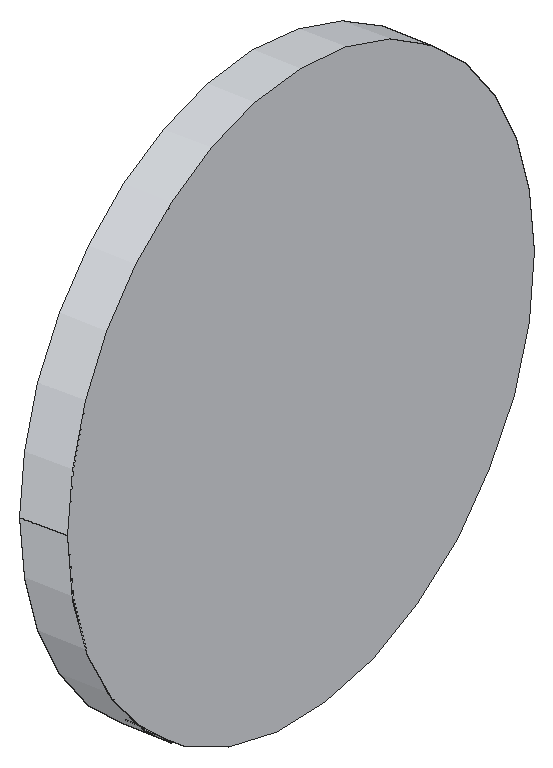
Revit family "Syst Splitter - DHW", category Pipe Fittings, Revit 2019
Family settings
  Round Connector Dimension = Use Radius
  Part Type = Transition
  OmniClass Number = 23.60.30.11.14
  OmniClass Title = Pipework Fittings
  Work Plane-Based = No
  Always vertical = Yes
  Cut with Voids When Loaded = No
  Shared = No
Parameters (values of type "Washing Machine (8lb, Public)")
  Utiliser l'échelle d'annotations [instance] = 1
  Nominal Radius [instance] = Nominal Diameter / 2  # 50 mm
  Nominal Diameter [instance] = 100 mm
  Nom_equipement_01_TEXT [instance] = ""
  Nom de la table de recherche = "STN_Pipe_Cast_Iron_Copper"
  Height = 10 mm
  Insulation Thickness [instance] = 0 mm
  Insulation Radius [instance] = Fitting Outside Radius + Insulation Thickness  # 60.96 mm
  Fixture Units = 2.25
  Fitting Outside Radius [instance] = Fitting Outside Diameter / 2  # 60.96 mm
  Fitting Outside Diameter [instance] = size_lookup(Nom de la table de recherche, "FOD", Nominal Diameter + 3.175 mm, Nominal Diameter)  # 121.92 mm
  Coefficient K = 0.1
  Assembly Code = ""
Types (28, lengths in mm): name | Fixture Units
  Water Closet (Flushometer Tank) | 0
  Water closet, private (Flush Valve) | 0
  _NO FIXTURE (VENT ONLY) | 0
  Water closet, private (Flush Tank) | 0
  Water closet, public (Flush Valve) | 0
  Water closet, public (Flush Tank) | 0
  Lavatory (Private) | 0.5
  Kitchen sink (Private) | 1
  Drinking fountain | 0
  Dishwashing machine | 1.4
  Shower head (Public) | 3
  Shower (Private) | 1
  Urinal (Flush Tank) | 0
  Urinal (1" Flushometer Valve) | 0
  Urinal (3/4" Flushometer Valve) | 0
  Service sink | 2.25
  Washing Machine (8lb, Private) | 1
  Washing Machine (8lb, Public) | 2.25
  Bathroom group (Private, Flush Tank) | 1.5
  Bathroom group (Private, Flush Valve | 3
  Bathtub (Private) | 1
  Bidet | 1.5
  Combination fixture | 2.25
  Laundry tray (1 to 3) | 1
  Bathtub (Public) | 3
  Kitchen Sink (Hotel, Restaurant) | 3
  Lavatory (Public) | 1.5
  Washing Machine (15lb, Public) | 3
Reference planes
  plane 1 "Centre (Front/Back)": y = 0
  plane 2: z = 0
  plane 3 "Centre (Left/Right)": x = 0
  plane 4: x = 10
  plane 5: x = 10
  plane 6: y = 60.96
  plane 7: y = -60.96
Forms (mm)
  Extrusion 1, solid, detail levels fine
    sketch origin (0, 0, 0) x (0, 1, 0) y (0, 0, 1)
      loop
        circle (0, 0) r 60.96
    from 0 to 10
  Extrusion 2, solid
    sketch origin (0, 0, 0) x (0, 1, 0) y (0, 0, 1)
      loop
        circle (0, 0) r 60.96
    from 0 to 10
Lines and regions (mm)
  model lines, style "InvisibleLines"
    curve 1: line (37.946, 99.919, 0) -> (-38.304, 99.919, 0)
    curve 2: line (-38.304, 99.919, 0) -> (-21.31, 91.995, 0)
    curve 3: line (-38.304, 99.919, 0) -> (-21.31, 107.843, 0)
Dimensions and locks
  "Height": plane 3 "Centre (Left/Right)" to plane 4
  "Insulation Thickness": plane 4 to plane 5
  "Fitting Outside Radius": plane 6 to plane 1 "Centre (Front/Back)"
  "Fitting Outside Radius": plane 1 "Centre (Front/Back)" to plane 7
  "Fitting Outside Radius": radius of Extrusion 1 sketch curve
  "Insulation Radius": radius of Extrusion 2 sketch curve
  aligned and locked: plane 1 "Centre (Front/Back)" to Extrusion 1 sketch curve
  aligned and locked: plane 2 to Extrusion 1 sketch curve
  aligned and locked: Extrusion 1 to plane 3 "Centre (Left/Right)"
  aligned and locked: plane 4 to Extrusion 1
  aligned and locked: plane 1 "Centre (Front/Back)" to Extrusion 2 sketch curve
  aligned and locked: plane 2 to Extrusion 2 sketch curve
  aligned and locked: Extrusion 2 to plane 3 "Centre (Left/Right)"
  aligned and locked: plane 5 to Extrusion 2
Automatic sketch dimensions
  curve 1 to plane 3 "Centre (Left/Right)" = 38.304 mm
  plane 6 to curve 1 = 38.959 mm
  curve 1 to curve 2 = 16.993 mm
  curve 3 to curve 2 = 0 mm
  plane 4 to curve 1 = 27.946 mm
  curve 2 to curve 1 = 7.924 mm
  curve 2 to curve 3 = 15.848 mm
Connectors
  piping at (0, 0, 0), diameter 100, driven by "Nominal Radius", driven by "Fixture Units"
    settings: on Extrusion 1, index 1, connector inside diameter 100 mm, connector length 0 mm, flow factor 0, pipe flow 0.0 L/s, pressure drop 0.0 Pa, fitting loss kfactor 0, connector angle 0.00°, fixture units 2.25, engagement length 0 mm, angle of deflection 0.00°, flow configuration 3, flow direction 2, fitting loss method 0, system type 19, joint type 0, gender type 0, connector reference index -1, connector utility 0, adjustable connector yes, is connector primary yes, connector description "Sanitary Out"
